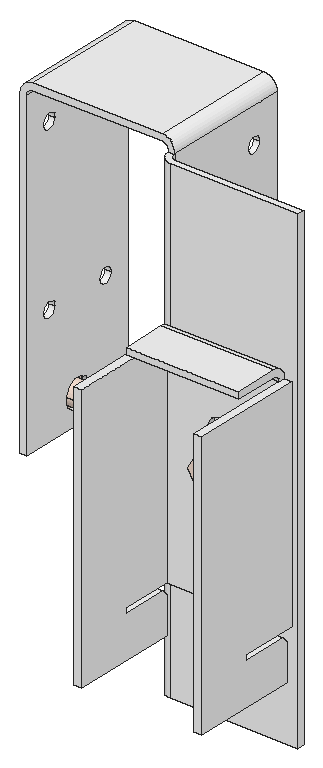
Revit family "KIRIIアングルクランプ(C100用)", category 機械設備, Revit 2022
Family settings
  丸型コネクタ寸法 = 直径を使用
  種別 = なし
  パーツ タイプ = 標準
  作業面ベース = いいえ
  常に垂直 = はい
  ロード時にボイドで切り取り = いいえ
  注釈の向きを維持 = いいえ
  共有 = いいえ
  部屋計算ポイント = いいえ
Parameters
  製造元 = "株式会社桐井製作所"
  既定の高さ = 0 mm
  URL = "https://www.kirii.co.jp/"
  K_許容荷重(水平)野縁方向(N) = 640
  K_許容荷重(水平)野縁受け方向(N) = 780
  K_許容荷重(引張)(N) = 1920
  K_許容荷重(圧縮)(N) = 1910
  K_板厚(mm) = 2.3 mm
  K_品名 = "KIRIIアングルクランプ(C100用)"
  K_名称 = "支持構造部接合金具"
  K_剛性(野縁方向)(N/mm) = 474
  K_剛性(野縁受け方向)(N/mm) = 253
  K_バージョン情報 = "20250901"
Reference planes
  plane 1 "中心(正面/背面)": y = 0
  plane 2: z = 0
  plane 3 "中心(左/右)": x = 0
Forms (mm)
  Extrusion 1, solid
    sketch origin (0, 0, 80) x (1, 0, 0) y (0, 0, 1)
      loop
        line (0, -80) -> (2.3, -80) -> (2.3, 90.4)
        arc (2.3, 90.4) -> (0.953, 93.653) -> (-2.3, 95) r 4.6
        line (-2.3, 95) -> (-48.2, 95)
        arc (-48.2, 95) -> (-51.453, 93.653) -> (-52.8, 90.4) r 4.6
        line (-52.8, 90.4) -> (-52.8, -24.3) -> (-50.5, -24.3) -> (-50.5, 90.4)
        arc (-50.5, 90.4) -> (-49.826, 92.026) -> (-48.2, 92.7) r 2.3
        line (-48.2, 92.7) -> (-2.3, 92.7)
        arc (-2.3, 92.7) -> (-0.674, 92.026) -> (0, 90.4) r 2.3
        line (0, 90.4) -> (0, -80)
    from 0 to -45
  Extrusion 2, solid
    sketch origin (2.3, 0, 80) x (1, 0, 0) y (0, 1, 0)
      loop
        line (2.3, -5) -> (47.7, -5) -> (47.7, -2.7) -> (2.3, -2.7)
        arc (2.3, -2.7) -> (0.674, -2.026) -> (0, -0.4) r 2.3
        line (0, -0.4) -> (0, 45) -> (-2.3, 45) -> (-2.3, -0.4)
        arc (-2.3, -0.4) -> (-0.953, -3.653) -> (2.3, -5) r 4.6
    from 90 to -80
  Extrusion 3, solid
    sketch origin (0, 0, 80) x (1, 0, 0) y (0, 0, 1)
      loop
        circle (25, 0) r 5
      loop
        circle (25, 0) r 4.5
    from 2.7 to 0
  Extrusion 4, solid
    sketch origin (0, 0, 80) x (0, 1, 0) y (0, 0, 1)
      loop
        arc (-5, 36) -> (-6.347, 39.253) -> (-9.6, 40.6) r 4.6
        line (-9.6, 40.6) -> (-25, 40.6) -> (-25, 38.3) -> (-9.6, 38.3)
        arc (-9.6, 38.3) -> (-7.974, 37.626) -> (-7.3, 36) r 2.3
        line (-7.3, 36) -> (-7.3, -42) -> (-5, -42) -> (-5, 36)
    from 5 to 45
  Extrusion 5, solid
    sketch origin (0, 0, 80) x (1, 0, 0) y (0, 0, 1)
      loop
        line (2.3, 36) -> (2.3, -59) -> (5, -59) -> (5, 36) -> (2.3, 36)
      loop
        line (45, 36) -> (45, -59) -> (47.7, -59) -> (47.7, 36) -> (45, 36)
    from 5 to 45
  Extrusion 6, void
    sketch origin (0, 0, 80) x (0, 1, 0) y (0, 0, 1)
      loop
        line (-25.5, -42) -> (-25.5, -44) -> (-9, -44) -> (-7, -46) -> (-7, -59) -> (-5, -59) -> (-5, -42) -> (-25.5, -42)
    from 50 to 0
  Extrusion 7, void
    sketch origin (0, 0, 80) x (1, 0, 0) y (0, 0, 1)
      loop
        circle (25, 0) r 4.5
    from 5 to 2.7
  Extrusion 8, void
    sketch origin (0, 0, 80) x (1, 0, 0) y (0, 0, 1)
      loop
        arc (30.25, 12.25) -> (28.712, 15.962) -> (25, 17.5) r 5.25
        arc (25, 17.5) -> (21.288, 15.962) -> (19.75, 12.25) r 5.25
        line (19.75, 12.25) -> (19.75, -12.25)
        arc (19.75, -12.25) -> (21.288, -15.962) -> (25, -17.5) r 5.25
        arc (25, -17.5) -> (28.712, -15.962) -> (30.25, -12.25) r 5.25
        line (30.25, -12.25) -> (30.25, 12.25)
    from 7.3 to 5
  Extrusion 9, void
    sketch origin (0, 0, 80) x (0, 1, 0) y (0, 0, 1)
      loop
        circle (10, 17.7) r 2.75
      loop
        circle (35, 17.7) r 2.75
      loop
        circle (22.5, -14.3) r 5.25
      loop
        circle (35, 77.7) r 2.75
      loop
        circle (10, 77.7) r 2.75
    from 2.3 to 0
  Extrusion 10, void
    sketch origin (0, 0, 80) x (1, 0, 0) y (0, 0, 1)
      loop
        circle (25, -32) r 2.25
    from 7.3 to 5
  Extrusion 11, solid
    sketch origin (0, 0, 80) x (0, 1, 0) y (0, 0, 1)
      loop
        circle (22.5, -14.3) r 5.548
      loop
        circle (22.5, -14.3) r 4.5
    from 2.3 to 5
  Extrusion 12, void
    sketch origin (-5, 0, 105) x (0, 1, 0) y (0, 0, 1)
      loop
        circle (10, 52.7) r 2.75
      loop
        circle (35, 52.7) r 2.75
      loop
        circle (22.5, -39.3) r 5.25
      loop
        circle (10, -7.3) r 2.75
      loop
        circle (35, -7.3) r 2.75
    from -45.5 to -47.8
  Extrusion 13, void
    sketch origin (0, 0, 0) x (1, 0, 0) y (0, 0, 1)
      loop
        circle (40, 17.6) r 2.25
      loop
        circle (15, 17.6) r 2.25
    from 5 to 2.7
Cuts and joins
  Extrusion 8, Extrusion 9, Extrusion 12 cuts Extrusion 1
  Extrusion 7, Extrusion 8, Extrusion 9, Extrusion 13 cuts Extrusion 2
  Extrusion 8, Extrusion 9 cuts Extrusion 3
  joined: Extrusion 1, Extrusion 2, Extrusion 3, Extrusion 11
  Extrusion 8, Extrusion 10 cuts Extrusion 4
  Extrusion 6 cuts Extrusion 5
  joined: Extrusion 4, Extrusion 5
Dimensions and locks
  aligned and locked: level to plane 2
Nested families
  nested 1: "M10×60ボルト" at (-56.8, 22.5, 65.7) x (0, -1, 0) z (0, 0, 1), type "M10×60ボルト"
  nested 2: "M10×25ボルト" at (25, -11.3, 80) x (-1, 0, 0) z (0, 0, 1), type "M10×25ボルト"
Definition of nested family "M10×60ボルト"
  Parameters (values of type "M10×60ボルト")
    Manufacturer = "株式会社桐井製作所"
    Default Elevation = 0 mm
    URL = "https://www.kirii.co.jp/"
    K_材料規格 = "M10×L60"
    K_品名 = "M10×60ボルト"
    K_名称 = "M10×60ボルト"
    K_備考 = "KIRIIアングルクランプ付属品"
  Reference planes
    plane 1 "中心(正面/背面)": y = 0
    plane 2: z = 0
    plane 3 "中心(左/右)": x = 0
    plane 4: x = 8
    plane 5: x = -8
    plane 6 "正面": y = -4
    plane 7: z = 8
    plane 8: z = -8
  Forms (mm)
    Extrusion 1, solid
      sketch origin (0, 0, 0) x (1, 0, 0) y (0, 0, 1)
        loop
          line (-4.619, 8) -> (-9.238, 0) -> (-4.619, -8) -> (4.619, -8) -> (9.238, 0) -> (4.619, 8) -> (-4.619, 8)
      from 0 to 4
    Extrusion 2, solid
      sketch origin (0, 0, 25.676) x (1, 0, 0) y (0, 0, 1)
        loop
          circle (0, -25.676) r 4.1
      from 4 to 64
  Cuts and joins
    joined: Extrusion 1, Extrusion 2
  Lines and regions (mm)
    model lines
      curve 1: circle (0, 0, 0) r 8 normal (0, -1, 0)
  Dimensions and locks
    aligned and locked: level to plane 2
Definition of nested family "M10×25ボルト"
  Parameters (values of type "M10×25ボルト")
    Manufacturer = "株式会社桐井製作所"
    Default Elevation = 0 mm
    URL = "https://www.kirii.co.jp/"
    K_材料規格 = "M10×L25"
    K_品名 = "M10×25ボルト"
    K_名称 = "M10×25ボルト"
    K_備考 = "KIRIIアングルクランプ付属品"
  Reference planes
    plane 1 "中心(正面/背面)": y = 0
    plane 2: z = 0
    plane 3 "中心(左/右)": x = 0
    plane 4: x = 8
    plane 5: x = -8
    plane 6 "正面": y = -4
    plane 7: z = 8
    plane 8: z = -8
  Forms (mm)
    Extrusion 1, solid
      sketch origin (0, 0, 0) x (1, 0, 0) y (0, 0, 1)
        loop
          line (-4.619, 8) -> (-9.238, 0) -> (-4.619, -8) -> (4.619, -8) -> (9.238, 0) -> (4.619, 8) -> (-4.619, 8)
      from 0 to 4
    Extrusion 2, solid
      sketch origin (0, 0, 25.676) x (1, 0, 0) y (0, 0, 1)
        loop
          circle (0, -25.676) r 4.1
      from 4 to 29
  Cuts and joins
    joined: Extrusion 1, Extrusion 2
  Lines and regions (mm)
    model lines
      curve 1: circle (0, 0, 0) r 8 normal (0, -1, 0)
  Dimensions and locks
    aligned and locked: level to plane 2
